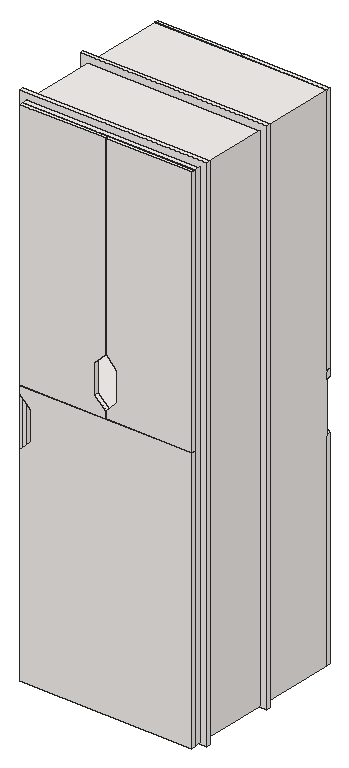
Revit family "Medical-Casework_Shield Casework_Nurse-Server-F2B", category Casework, Revit 2020
Family settings
  OmniClass Number = 23.40.35.17.34
  OmniClass Title = Medical Casework
  Work Plane-Based = No
  Always vertical = Yes
  Cut with Voids When Loaded = Yes
  Shared = No
  Room Calculation Point = No
Parameters (values of type "24" W x 72" H x 24" D")
  |WDepthCtrl [instance] = if(Trim Wall Depth < 1.00", 1.00", if(Trim Wall Depth > Depth - (2 * 1.78"), Depth - (2 * 1.78"), Trim Wall Depth))  # 10.00"
  |TopOpt03 = Top : 03 - Soffit
  |TopOpt02 = Top : 02 - Sloped Top
  |TopOpt01 = Top : 01 - Flat Top
  |TopDorWdth = (Width / 2) - 0.05"  # 11.95"
  |TopDorHgh = Height - 36.88" - 0.09"  # 35.03"
  |SlopHgh [instance] = if((((Depth - Trim Wall Depth - 1.78" - 1.04" - 0.50") * tan(7.84°)) + 0.94") < 0.94", 0.94", (((Depth - Trim Wall Depth - 1.78" - 1.04" - 0.50") * tan(7.84°)) + 0.94"))  # 2.41057"
  |PulOpt04 = Pull : 04 - Continuous Tab
  |PulOpt03 = Pull : 03 - Wire Pull
  |PulOpt02 = Pull : 02 - Solid Surface Recessed
  |PulOpt01 = Pull : 01 - Cut Through
  |LckOpt04 = Lock : 03 - MicroIQ Lock on Both Sides
  |LckOpt03 = Lock : 02 - MicroIQ Lock on Corridor Side
  |LckOpt02 = Lock : 01 - MicroIQ Lock on Patient Room Side
  |LckOpt01 = Lock : 00 - None
  |LckBoxDist [instance] = if([Two-Way Drawers] = |DwOpt01, 0.00", if([Two-Way Drawers] = |DwOpt02, 5.25", 10.50"))  # 0.00"
  |DwOpt03 = Drawer : 02 - Double Drawer
  |DwOpt02 = Drawer : 01 - Single Drawer
  |DwOpt01 = Drawer : 00 - None
  |014 [instance] = or(and(Pharmacy Lock Box, [Two-Way Drawers] = |DwOpt01), and([Two-Way Drawers] = |DwOpt01, not(Pharmacy Lock Box)), and(not([Two-Way Drawers] = |DwOpt01), not(Pharmacy Lock Box)))  # yes
  |013 [instance] = and(not(Pharmacy Lock Box), [Two-Way Drawers] = |DwOpt01)  # yes
  |012 [instance] = Patient Room Side Top = |TopOpt03  # no
  |011 [instance] = Patient Room Side Top = |TopOpt02  # no
  |010 [instance] = Patient Room Side Top = |TopOpt01  # yes
  |009 [instance] = Pull Type = |PulOpt04  # no
  |008 [instance] = Pull Type = |PulOpt03  # no
  |007 [instance] = Pull Type = |PulOpt02  # no
  |006 [instance] = Pull Type = |PulOpt01  # yes
  |005 [instance] = or(Lock Option = |LckOpt03, Lock Option = |LckOpt04)  # no
  |004 [instance] = or(Lock Option = |LckOpt02, Lock Option = |LckOpt04)  # no
  |003 [instance] = [Two-Way Drawers] = |DwOpt03  # no
  |001 [instance] = [Two-Way Drawers] = |DwOpt01  # yes
  Trim Wall Depth [instance] = 10.00"
  URL = "https://www.shieldcasework.com/"
  Two-Way Drawers [instance] = Drawer : 00 - None
  Pull Type [instance] = Pull : 01 - Cut Through
  Product url = "https://shieldheadwalls.com/products/the-nurse-server-f2b"
  Product data url = "https://www.bimobject.com/shield-casework/product/the-nurse-server-f2b"
  Product Material = Shield Casework - Acrylic Solid Surface - S01 White
  Product Guid = "fc8e723f-7139-4298-8aeb-ef5974d179d6"
  Pharmacy Lock Box [instance] = no
  Patient Room Side Top [instance] = Top : 01 - Flat Top
  Patient Room Side Door Material [instance] = Shield Casework - Acrylic Solid Surface - S01 White
  Opening Lines Ref. Level [instance] = no
  Opening Lines Elevation [instance] = no
  Model = "The Nurse Server F2B"  # constant formula
  Materials Note [instance] = "Materials available for corridor and patient room side door listed above, are any Acrylic Solid Surface or Laminate materials"  # constant formula
  Manufacturer = "Shield Casework"  # constant formula
  Lock Option [instance] = Lock : 00 - None
  Keynote = "12300"
  Finish = "Acrylic Solid Surface"  # constant formula
  Edition number = 1
  Drawer 01 Top [instance] = and(not(|003), or([Two-Way Drawers] = |DwOpt02, [Two-Way Drawers] = |DwOpt03))  # no
  Description = "The Nurse Server F2B"  # constant formula
  Depth = 24.00"  # constant formula
  Height = 72.00"
  Width = 24.00"
  Default Elevation = 0.00"  # constant formula
  Corridor Side Door Material [instance] = Shield Casework - Acrylic Solid Surface - S01 White
  Assembly Code = "E2010200"
  002 [instance] = or([Two-Way Drawers] = |DwOpt02, [Two-Way Drawers] = |DwOpt03)  # no
Types (5): name | |TopDorWdth | |TopDorHgh | Height | Width
  (no name) | 11.95" | 35.03" | 72.00" | 24.00"
  24" W x 72" H x 24" D | 11.95" | 35.03" | 72.00" | 24.00"
  24" W x 84" H x 24" D | 11.95" | 47.03" | 84.00" | 24.00"
  30" W x 72" H x 24" D | 14.95" | 35.03" | 72.00" | 30.00"
  30" W x 84" H x 24" D | 14.95" | 47.03" | 84.00" | 30.00"
Reference planes (in)
  plane 1 "Back": y = 0
  plane 2: z = 0
  plane 3 "Center (Left/Right)": x = 0.7377
  plane 4 "Left": x = -11.2623
  plane 5 "Right": x = 12.7377
  plane 6 "Front": y = -24
  plane 7 "Top": z = 72
  plane 8: y = -22.22
  plane 9: y = -12.22
  plane 10: z = 37.44
  plane 11: y = -23.43
  plane 12: y = -0.57
  plane 13: z = 36.88
  plane 14: z = 74.41057
  plane 15: y = -1.78
  plane 16: z = 75.85636
  plane 17: z = 78
  plane 18: z = 63.36
  plane 19: z = 54.72
  plane 20: z = 46.08
  plane 21: z = 42.69
  plane 22: z = 47.94
  plane 23: z = 37.44
  plane 24: z = 45.94
  plane 25: y = -23.5
  plane 26: y = -0.5
Forms (in)
  Extrusion 1, void
    sketch origin (-11.2623, 0, 0) x (0, -1, 0) y (0, 0, 1)
      loop
        line (22.22, 72) -> (12.22, 72) -> (12.22, 0) -> (22.22, 0) -> (22.22, 72)
    from -24 to 0
  Extrusion 2, solid, material "Shield Casework - Acrylic Solid Surface - S01 White" <- "Product Material", detail levels fine
    sketch origin (0, -24, 0) x (1, 0, 0) y (0, 0, 1)
      loop
        line (12.7377, 72) -> (-11.2623, 72) -> (-11.2623, 0) -> (-10.7623, 0) -> (-10.7623, 71.5) -> (12.2377, 71.5) -> (12.2377, 0) -> (12.7377, 0) -> (12.7377, 72)
    from -23.43 to -0.57
  Extrusion 3, solid, material "Shield Casework - Acrylic Solid Surface - S01 White" <- "Product Material", detail levels coarse
    sketch origin (0, 0, 0) x (1, 0, 0) y (0, 1, 0)
      loop
        line (12.7377, 0) -> (-11.2623, 0) -> (-11.2623, -24) -> (12.7377, -24) -> (12.7377, 0)
    from 0 to 72
  Extrusion 4, solid, material "Shield Casework - Acrylic Solid Surface - S01 White" <- "Product Material", detail levels medium
    sketch origin (0, -24, 0) x (1, 0, 0) y (0, 0, 1)
      loop
        line (12.7377, 36.88) -> (-11.2623, 36.88) -> (-11.2623, 0) -> (12.7377, 0) -> (12.7377, 36.88)
      loop
        line (0.6877, 72) -> (-11.2623, 72) -> (-11.2623, 36.97) -> (0.6877, 36.97) -> (0.6877, 72)
      loop
        line (0.7877, 72) -> (0.7877, 36.97) -> (12.7377, 36.97) -> (12.7377, 72) -> (0.7877, 72)
    from 0 to -0.5
  Extrusion 5, solid, material "Shield Casework - Acrylic Solid Surface - S01 White" <- "Product Material", detail levels medium
    sketch origin (0, -24, 0) x (1, 0, 0) y (0, 0, 1)
      loop
        line (12.7377, 72) -> (-11.2623, 72) -> (-11.2623, 0) -> (12.7377, 0) -> (12.7377, 72)
    from -23.43 to -0.57
  Extrusion 6, solid, material "Shield Casework - Acrylic Solid Surface - S01 White" <- "Product Material", detail levels medium
    sketch origin (0, 0, 0) x (1, 0, 0) y (0, 0, 1)
      loop
        line (-11.2623, 36.88) -> (-11.2623, 0) -> (12.7377, 0) -> (12.7377, 36.88) -> (-11.2623, 36.88)
      loop
        line (0.7877, 36.97) -> (12.7377, 36.97) -> (12.7377, 72) -> (0.7877, 72) -> (0.7877, 36.97)
      loop
        line (-11.2623, 36.97) -> (0.6877, 36.97) -> (0.6877, 72) -> (-11.2623, 72) -> (-11.2623, 36.97)
    from 0 to 0.5
  Extrusion 7, solid, material "Shield Casework - Acrylic Solid Surface - S01 White" <- "Product Material"
    sketch origin (-17.1591, -22.22, 48) x (-1, 0, 0) y (0, 0, 1)
      loop
        line (-4.89681, -48) -> (-4.89681, 25) -> (-30.89681, 25) -> (-30.89681, -48) -> (-29.89681, -48) -> (-29.89681, 24) -> (-5.89681, 24) -> (-5.89681, -48) -> (-4.89681, -48)
    from 0 to -0.5
  Sweep 8, solid, material "Shield Casework - Acrylic Solid Surface - S01 White" <- "Product Material", visible <- "|011", detail levels coarse+medium
    path origin (0, 0, 72) x (0, -1, 0) y (1, 0, 0)
      loop
        line (0.57, 12.7377) -> (0.57, -11.2623)
    profile origin (0.7377, -0.57, 72) x (0, -1, 0) y (0, 0, 1)
      loop
        line (21.65, 0) -> (21.65, 3.85636) -> (0.47, 0.94) -> (0.47, 0) -> (21.65, 0)
  Sweep 9, solid, material "Shield Casework - Acrylic Solid Surface - S01 White" <- "Product Material", visible <- "|011", detail levels fine
    path origin (0, 0, 72) x (0, -1, 0) y (1, 0, 0)
      loop
        line (0.57, 12.7377) -> (0.57, -11.2623)
    profile origin (0.7377, -0.57, 72) x (0, -1, 0) y (0, 0, 1)
      loop
        line (0.47, 0) -> (0.97, 0) -> (0.97, 0.50413) -> (21.65, 3.35165) -> (21.65, 3.85636) -> (0.47, 0.94) -> (0.47, 0)
  Extrusion 10, solid, material "Shield Casework - Acrylic Solid Surface - S01 White" <- "Product Material", visible <- "|011", detail levels fine
    sketch origin (-11.2623, 0, 0) x (0, -1, 0) y (0, 0, 1)
      loop
        line (22.22, 72) -> (22.22, 75.35165) -> (1.54, 72.50413) -> (1.54, 72) -> (22.22, 72)
    from 0 to -0.5
  Extrusion 11, solid, material "Shield Casework - Acrylic Solid Surface - S01 White" <- "Product Material", visible <- "|011", detail levels fine
    sketch origin (12.7377, 0, 0) x (0, -1, 0) y (0, 0, 1)
      loop
        line (1.54, 72.50413) -> (1.54, 72) -> (22.22, 72) -> (22.22, 75.35165) -> (1.54, 72.50413)
    from 0 to 0.5
  Extrusion 12, solid, material "Shield Casework - Acrylic Solid Surface - S01 White" <- "Product Material", visible <- "|011", detail levels coarse+medium
    sketch origin (-17.1591, -12.22, 48) x (-1, 0, 0) y (0, 0, 1)
      loop
        line (-29.89681, -48) -> (-29.89681, 26.41057) -> (-5.89681, 26.41057) -> (-5.89681, -48) -> (-4.89681, -48) -> (-4.89681, 27.41057) -> (-30.89681, 27.41057) -> (-30.89681, -48) -> (-29.89681, -48)
    from 0 to 0.5
  Extrusion 13, solid, material "Shield Casework - Acrylic Solid Surface - S01 White" <- "Product Material", visible <- "|011", detail levels fine
    sketch origin (-17.1591, -12.22, 48) x (-1, 0, 0) y (0, 0, 1)
      loop
        line (-29.89681, 26.41057) -> (-5.89681, 26.41057) -> (-5.89681, -48) -> (-4.89681, -48) -> (-4.89681, 27.41057) -> (-30.89681, 27.41057) -> (-30.89681, -48) -> (-29.89681, -48) -> (-29.89681, 26.41057)
    from 0 to 0.5
  Extrusion 14, void
    sketch origin (-11.2623, 0, 0) x (0, -1, 0) y (0, 0, 1)
      loop
        line (24, 72) -> (24, 78) -> (12.22, 78) -> (12.22, 72) -> (24, 72)
    from 0 to -24
  Extrusion 15, solid, material "Shield Casework - Acrylic Solid Surface - S01 White" <- "Product Material", visible <- "|012"
    sketch origin (19.33443, -1.78, 48) x (1, 0, 0) y (0, 0, 1)
      loop
        line (-6.59672, 24) -> (-6.59672, -48) -> (-5.59672, -48) -> (-5.59672, 25) -> (-31.59672, 25) -> (-31.59672, -48) -> (-30.59672, -48) -> (-30.59672, 24) -> (-6.59672, 24)
    from 0 to -0.5
  Extrusion 16, solid, material "Shield Casework - Acrylic Solid Surface - S01 White" <- "Product Material", visible <- "|012", detail levels coarse+medium
    sketch origin (-11.2623, 0, 0) x (0, -1, 0) y (0, 0, 1)
      loop
        line (1.78, 78) -> (1.78, 72) -> (22.22, 72) -> (22.22, 78) -> (1.78, 78)
    from -24 to 0
  Extrusion 17, solid, material "Shield Casework - Acrylic Solid Surface - S01 White" <- "Product Material", visible <- "|012", detail levels fine
    sketch origin (0, 0, 72) x (0, -1, 0) y (-1, 0, 0)
      loop
        line (1.78, -12.7377) -> (22.22, -12.7377) -> (22.22, -12.2377) -> (2.28, -12.2377) -> (2.28, 10.7623) -> (22.22, 10.7623) -> (22.22, 11.2623) -> (1.78, 11.2623) -> (1.78, -12.7377)
    from 0 to -6
  Extrusion 18, solid, material "Shield Casework - Acrylic Solid Surface - S01 White" <- "Product Material", visible <- "|010"
    sketch origin (-17.1591, -12.22, 48) x (-1, 0, 0) y (0, 0, 1)
      loop
        line (-29.89681, 24) -> (-5.89681, 24) -> (-5.89681, -48) -> (-4.89681, -48) -> (-4.89681, 25) -> (-30.89681, 25) -> (-30.89681, -48) -> (-29.89681, -48) -> (-29.89681, 24)
    from 0 to 0.5
Cuts and joins
  Extrusion 14 cuts Sweep 8
  joined: Sweep 8, Extrusion 12
  Extrusion 14 cuts Sweep 9
  Extrusion 14 cuts Extrusion 10
  Extrusion 14 cuts Extrusion 11
  joined: Sweep 9, Extrusion 10, Extrusion 11
  Extrusion 14 cuts Extrusion 16
  Extrusion 14 cuts Extrusion 17
Lines and regions (in)
  Masking region 1, detail levels coarse+medium
    outline origin (0, 0, 72) x (0, -1, 0) y (1, 0, 0)
      loop
        line (0, 12.7377) -> (0, -11.2623) -> (24, -11.2623) -> (24, 12.7377) -> (0, 12.7377)
  Masking region 2, detail levels medium+fine
    outline origin (0, 0, 72) x (0, -1, 0) y (1, 0, 0)
      loop
        line (22.72, -11.2623) -> (22.22, -11.2623) -> (22.22, -12.2623) -> (22.72, -12.2623) -> (22.72, -11.2623)
      loop
        line (22.72, 12.7377) -> (22.72, 13.7377) -> (22.22, 13.7377) -> (22.22, 12.7377) -> (22.72, 12.7377)
  Masking region 3, visible <- "|012", detail levels medium+fine
    outline origin (0, 0, 72) x (0, -1, 0) y (1, 0, 0)
      loop
        line (1.78, 13.7377) -> (1.28, 13.7377) -> (1.28, 12.7377) -> (1.78, 12.7377) -> (1.78, 13.7377)
      loop
        line (1.78, -11.2623) -> (1.28, -11.2623) -> (1.28, -12.2623) -> (1.78, -12.2623) -> (1.78, -11.2623)
  Masking region 4, visible <- "|011", detail levels medium+fine
    outline origin (0, 0, 72) x (0, -1, 0) y (1, 0, 0)
      loop
        line (12.22, 12.7377) -> (12.22, 13.7377) -> (11.72, 13.7377) -> (11.72, 12.7377) -> (12.22, 12.7377)
      loop
        line (12.22, -11.2623) -> (11.72, -11.2623) -> (11.72, -12.2623) -> (12.22, -12.2623) -> (12.22, -11.2623)
  Masking region 5, detail levels fine
    outline origin (0, 0, 72) x (0, -1, 0) y (1, 0, 0)
      loop
        line (0.57, 12.7377) -> (0.57, -11.2623) -> (23.43, -11.2623) -> (23.43, 12.7377) -> (0.57, 12.7377)
  Masking region 6, visible <- "|010", detail levels medium+fine
    outline origin (0, 0, 72) x (0, -1, 0) y (1, 0, 0)
      loop
        line (12.22, -12.2623) -> (12.22, -11.2623) -> (11.72, -11.2623) -> (11.72, -12.2623) -> (12.22, -12.2623)
      loop
        line (12.22, 12.7377) -> (12.22, 13.7377) -> (11.72, 13.7377) -> (11.72, 12.7377) -> (12.22, 12.7377)
Dimensions and locks (in)
  "Depth": plane 6 "Front" to plane 1 "Back"
  "Width": plane 4 "Left" to plane 5 "Right"
  equal spacing: plane 4 "Left", plane 3 "Center (Left/Right)", plane 5 "Right"
  "Height": level to plane 7 "Top"
  "|WDepthCtrl": plane 9 to plane 8
  locked: plane 10 to plane 2 at 37.44
  plane 15 to plane 12 to plane 1 "Back" = 1.21" locked, 0.57" locked
  locked: plane 10 to plane 13 at 0.56
  "|SlopHgh": plane 7 "Top" to plane 14
  plane 6 "Front" to plane 11 to plane 8 = 0.57" locked, 1.21" locked
  plane 7 "Top" to plane 16 to plane 17 = 3.85636" locked, 2.14364" locked
  equal spacing: plane 7 "Top", plane 18, plane 19, plane 20, plane 10
  plane 22 to plane 21 to plane 10 = 5.25" locked, 5.25" locked
  "|LckBoxDist": plane 23 to plane 10
  locked: plane 24 to plane 23 at 8.5
  locked: plane 26 to plane 1 "Back" at 0.5
  locked: plane 6 "Front" to plane 25 at 0.5
  aligned and locked: level to plane 2
  aligned and locked: Extrusion 1 sketch curve to plane 7 "Top"
  aligned and locked: Extrusion 1 sketch curve to plane 9
  aligned and locked: Extrusion 1 sketch curve to plane 8
  aligned and locked: Extrusion 1 sketch curve to plane 2
  aligned and locked: Extrusion 1 to plane 5 "Right"
  aligned and locked: plane 4 "Left" to Extrusion 1
  aligned and locked: Extrusion 2 sketch curve to plane 7 "Top"
  aligned and locked: Extrusion 2 sketch curve to plane 4 "Left"
  aligned and locked: Extrusion 2 sketch curve to plane 5 "Right"
  aligned and locked: Extrusion 2 sketch curve to plane 2  (x2)
  aligned and locked: Extrusion 2 to plane 12
  aligned and locked: Extrusion 2 to plane 11
  aligned and locked: Extrusion 3 sketch curve to plane 4 "Left"
  aligned and locked: Extrusion 3 sketch curve to plane 5 "Right"
  aligned and locked: Extrusion 3 to plane 7 "Top"
  aligned and locked: Extrusion 4 sketch curve to plane 13
  aligned and locked: Extrusion 4 sketch curve to plane 4 "Left"  (x2)
  aligned and locked: Extrusion 4 sketch curve to plane 5 "Right"  (x2)
  aligned and locked: Extrusion 4 sketch curve to plane 2
  aligned and locked: Extrusion 4 sketch curve to plane 7 "Top"  (x2)
  aligned and locked: Extrusion 3 sketch curve to plane 1 "Back"
  aligned and locked: plane 6 "Front" to Extrusion 3 sketch curve
  aligned and locked: Extrusion 5 sketch curve to plane 7 "Top"
  aligned and locked: Extrusion 5 sketch curve to plane 5 "Right"
  aligned and locked: Extrusion 5 sketch curve to plane 4 "Left"
  aligned and locked: Extrusion 5 sketch curve to plane 2
  aligned and locked: Extrusion 5 to plane 12
  aligned and locked: Extrusion 5 to plane 11
  aligned and locked: plane 13 to Extrusion 6 sketch curve
  aligned and locked: plane 4 "Left" to Extrusion 6 sketch curve  (x2)
  aligned and locked: plane 5 "Right" to Extrusion 6 sketch curve  (x2)
  aligned and locked: plane 2 to Extrusion 6 sketch curve
  aligned and locked: plane 7 "Top" to Extrusion 6 sketch curve  (x2)
  aligned and locked: Extrusion 7 sketch curve to plane 2
  aligned and locked: plane 12 to Sweep 8 sketch curve
  aligned and locked: plane 5 "Right" to Sweep 8 sketch curve
  aligned and locked: plane 4 "Left" to Sweep 8 sketch curve
  aligned and locked: Sweep 8 sketch curve to plane 8
  aligned and locked: Sweep 8 sketch curve to plane 7 "Top"
  aligned and locked: plane 12 to Sweep 9 sketch curve
  aligned and locked: plane 5 "Right" to Sweep 9 sketch curve
  aligned and locked: plane 4 "Left" to Sweep 9 sketch curve
  aligned and locked: Sweep 9 sketch curve to plane 8
  aligned and locked: Sweep 9 sketch curve to plane 7 "Top"
  aligned and locked: Extrusion 10 sketch curve to plane 8
  aligned and locked: Extrusion 10 sketch curve to plane 7 "Top"
  aligned and locked: Extrusion 10 sketch curve to Sweep 9  (x2)
  aligned and locked: Extrusion 11 sketch curve to Sweep 9  (x2)
  aligned and locked: Extrusion 11 sketch curve to plane 8
  aligned and locked: Extrusion 11 sketch curve to plane 7 "Top"
  aligned and locked: plane 5 "Right" to Extrusion 12 sketch curve
  aligned and locked: plane 14 to Extrusion 12 sketch curve
  aligned and locked: plane 4 "Left" to Extrusion 12 sketch curve
  aligned and locked: plane 2 to Extrusion 12 sketch curve  (x2)
  aligned and locked: plane 14 to Extrusion 13 sketch curve
  aligned and locked: plane 5 "Right" to Extrusion 13 sketch curve
  aligned and locked: plane 4 "Left" to Extrusion 13 sketch curve
  aligned and locked: plane 2 to Extrusion 13 sketch curve  (x2)
  aligned and locked: Extrusion 14 sketch curve to plane 7 "Top"
  aligned and locked: Extrusion 14 sketch curve to plane 9
  aligned and locked: Extrusion 14 to plane 4 "Left"
  aligned and locked: Extrusion 14 to plane 5 "Right"
  aligned and locked: plane 7 "Top" to Extrusion 15 sketch curve
  aligned and locked: plane 5 "Right" to Extrusion 15 sketch curve
  aligned and locked: plane 4 "Left" to Extrusion 15 sketch curve
  aligned and locked: plane 2 to Extrusion 15 sketch curve  (x2)
  aligned and locked: plane 7 "Top" to Extrusion 7 sketch curve
  aligned and locked: plane 5 "Right" to Extrusion 7 sketch curve
  aligned and locked: plane 4 "Left" to Extrusion 7 sketch curve
  aligned and locked: plane 2 to Extrusion 7 sketch curve
  aligned and locked: Extrusion 16 sketch curve to plane 15
  aligned and locked: Extrusion 16 sketch curve to plane 17
  aligned and locked: Extrusion 16 sketch curve to plane 8
  aligned and locked: Extrusion 16 sketch curve to plane 7 "Top"
  aligned and locked: Extrusion 16 to plane 5 "Right"
  aligned and locked: plane 4 "Left" to Extrusion 16
  aligned and locked: plane 6 "Front" to Extrusion 14 sketch curve
  aligned and locked: Extrusion 14 sketch curve to plane 17
  aligned and locked: plane 15 to Extrusion 17 sketch curve
  aligned and locked: plane 5 "Right" to Extrusion 17 sketch curve
  aligned and locked: plane 4 "Left" to Extrusion 17 sketch curve
  aligned and locked: plane 8 to Extrusion 17 sketch curve  (x2)
  aligned and locked: plane 17 to Extrusion 17
  aligned and locked: plane 7 "Top" to Extrusion 18 sketch curve
  aligned and locked: plane 5 "Right" to Extrusion 18 sketch curve
  aligned and locked: plane 4 "Left" to Extrusion 18 sketch curve
  aligned and locked: plane 2 to Extrusion 18 sketch curve  (x2)
  aligned and locked: nested 1 to plane 10
  aligned and locked: plane 6 "Front" to nested 1
  aligned and locked: plane 3 "Center (Left/Right)" to nested 1
  aligned and locked: plane 6 "Front" to nested 2
  aligned and locked: plane 6 "Front" to nested 3
  aligned and locked: plane 6 "Front" to nested 4
  aligned and locked: plane 20 to nested 2
  aligned and locked: plane 19 to nested 3
  aligned and locked: plane 18 to nested 4
  aligned and locked: plane 3 "Center (Left/Right)" to nested 2
  aligned and locked: plane 3 "Center (Left/Right)" to nested 3
  aligned and locked: plane 3 "Center (Left/Right)" to nested 4
  aligned and locked: plane 6 "Front" to nested 5
  aligned and locked: plane 6 "Front" to nested 6
  aligned and locked: plane 21 to nested 5
  aligned and locked: plane 22 to nested 6
  aligned and locked: plane 3 "Center (Left/Right)" to nested 5
  aligned and locked: plane 3 "Center (Left/Right)" to nested 6
  aligned and locked: plane 6 "Front" to nested 7
  aligned and locked: nested 7 to plane 24
  aligned and locked: plane 3 "Center (Left/Right)" to nested 7
  aligned and locked: nested 8 to plane 13
  aligned and locked: nested 8 to plane 4 "Left"
  aligned and locked: nested 9 to plane 7 "Top"
  aligned and locked: plane 4 "Left" to nested 9
  aligned and locked: plane 7 "Top" to nested 10
  aligned and locked: plane 5 "Right" to nested 10
  aligned and locked: nested 11 to plane 7 "Top"
  aligned and locked: nested 11 to plane 5 "Right"
  aligned and locked: plane 7 "Top" to nested 12
  aligned and locked: nested 12 to plane 4 "Left"
  aligned and locked: nested 13 to plane 2
  aligned and locked: plane 4 "Left" to nested 13
  aligned and locked: plane 1 "Back" to Masking region 1 sketch curve
  aligned and locked: plane 5 "Right" to Masking region 1 sketch curve
  aligned and locked: plane 6 "Front" to Masking region 1 sketch curve
  aligned and locked: plane 4 "Left" to Masking region 1 sketch curve
  aligned and locked: Extrusion 7 to Masking region 2 sketch curve
  aligned and locked: Masking region 2 sketch curve to Extrusion 7  (x4)
  aligned and locked: plane 4 "Left" to Masking region 2 sketch curve
  aligned and locked: plane 5 "Right" to Masking region 2 sketch curve
  aligned and locked: plane 8 to Masking region 2 sketch curve
  aligned and locked: plane 15 to Masking region 3 sketch curve  (x2)
  aligned and locked: plane 5 "Right" to Masking region 3 sketch curve
  aligned and locked: Extrusion 15 to Masking region 3 sketch curve
  aligned and locked: Masking region 3 sketch curve to Extrusion 15  (x3)
  aligned and locked: plane 4 "Left" to Masking region 3 sketch curve
  aligned and locked: plane 9 to Masking region 4 sketch curve  (x2)
  aligned and locked: plane 5 "Right" to Masking region 4 sketch curve
  aligned and locked: plane 4 "Left" to Masking region 4 sketch curve
  aligned and locked: Extrusion 18 to Masking region 4 sketch curve
  aligned and locked: Masking region 4 sketch curve to Extrusion 18  (x3)
  aligned and locked: plane 12 to Masking region 5 sketch curve
  aligned and locked: plane 11 to Masking region 5 sketch curve
  aligned and locked: plane 5 "Right" to Masking region 5 sketch curve
  aligned and locked: plane 4 "Left" to Masking region 5 sketch curve
  aligned and locked: plane 9 to Masking region 6 sketch curve  (x2)
  aligned and locked: plane 4 "Left" to Masking region 6 sketch curve
  aligned and locked: plane 5 "Right" to Masking region 6 sketch curve
Automatic sketch dimensions
  plane 5 "Right" to Extrusion 2 sketch curve = 0.50"
  Extrusion 2 sketch curve to plane 4 "Left" = 0.50"
  Extrusion 2 sketch curve to Extrusion 2 sketch curve = 0.50"
  Extrusion 4 sketch curve to plane 3 "Center (Left/Right)" = 0.05"
  plane 3 "Center (Left/Right)" to Extrusion 4 sketch curve = 0.05"
  Extrusion 4 sketch curve to plane 13 = 0.09"  (x2)
  Extrusion 6 sketch curve to plane 3 "Center (Left/Right)" = 0.05"
  plane 3 "Center (Left/Right)" to Extrusion 6 sketch curve = 0.05"
  Extrusion 6 sketch curve to plane 13 = 0.09"  (x2)
  plane 4 "Left" to Extrusion 7 sketch curve = 1.00"
  Extrusion 7 sketch curve to plane 7 "Top" = 1.00"
  Sweep 8 sketch curve to plane 7 "Top" = 3.85636"
  Sweep 8 sketch curve to profile plane = 0.47"
  Sweep 8 sketch curve to plane 7 "Top" = 0.94"
  Sweep 9 sketch curve to Sweep 9 sketch curve = 0.94"
  Sweep 9 sketch curve to Sweep 9 sketch curve = 0.50"
  Sweep 9 sketch curve to profile plane = 0.47"
  Sweep 9 sketch curve to Sweep 9 sketch curve = 0.43587"
  Sweep 9 sketch curve to plane 7 "Top" = 3.85636"
  Sweep 9 sketch curve to plane 7 "Top" = 3.35165"
  Extrusion 12 sketch curve to Extrusion 12 sketch curve = 1.00"
  plane 4 "Left" to Extrusion 12 sketch curve = 1.00"
  Extrusion 12 sketch curve to plane 14 = 1.00"
  Extrusion 13 sketch curve to Extrusion 13 sketch curve = 1.00"
  plane 4 "Left" to Extrusion 13 sketch curve = 1.00"
  Extrusion 13 sketch curve to plane 14 = 1.00"
  Extrusion 7 sketch curve to Extrusion 7 sketch curve = 1.00"
  plane 4 "Left" to Extrusion 15 sketch curve = 1.00"
  Extrusion 15 sketch curve to plane 5 "Right" = 1.00"
  Extrusion 15 sketch curve to plane 7 "Top" = 1.00"
  plane 15 to Extrusion 17 sketch curve = 0.50"
  Extrusion 17 sketch curve to plane 4 "Left" = 0.50"
  Extrusion 17 sketch curve to Extrusion 17 sketch curve = 0.50"
  Extrusion 18 sketch curve to Extrusion 18 sketch curve = 1.00"
  Extrusion 18 sketch curve to plane 7 "Top" = 1.00"
  plane 4 "Left" to Extrusion 18 sketch curve = 1.00"
  plane 9 to Masking region 6 sketch curve = 0.50"
  Masking region 6 sketch curve to Masking region 6 sketch curve = 1.00"
  Masking region 6 sketch curve to Masking region 6 sketch curve = 0.50"
  Masking region 6 sketch curve to plane 5 "Right" = 1.00"
Nested families (in)
  nested 1: "Shield Casework - Shelf 01" at (0.7377, -24, 37.44), type "Shield Casework - Shelf 01", detail levels fine
  nested 2: "Shield Casework - Shelf 01" at (0.7377, -24, 46.08), visible <- "|013", type "Shield Casework - Shelf 01", detail levels fine
  nested 3: "Shield Casework - Shelf 01" at (0.7377, -24, 54.72), visible <- "|014", type "Shield Casework - Shelf 01", detail levels fine
  nested 4: "Shield Casework - Shelf 01" at (0.7377, -24, 63.36), type "Shield Casework - Shelf 01", detail levels fine
  nested 5: "Shield Casework - Shelf 02" at (0.7377, -24, 42.69), visible <- "002", Drawer Top <- "Drawer 01 Top", type "Shield Casework - Shelf 02", detail levels fine
    with Drawer Top no
  nested 6: "Shield Casework - Shelf 02" at (0.7377, -24, 47.94), visible <- "|003", type "Shield Casework - Shelf 02", detail levels fine
  nested 7: "Shield Casework - Shelf 03" at (0.7377, -24, 45.94), visible <- "Pharmacy Lock Box", type "Shield Casework - Shelf 03", detail levels fine
  nested 8: "Shield Casework - Door" at (-11.2623, -23.5, 0) x (1, 0, 0) z (0, -1, 0), Door Width <- "Width", Door Material <- "Corridor Side Door Material", type "Shield Casework - Door"
    with Lock no, Door Width 24.00", Door Material Shield Casework - Acrylic Solid Surface - S01 White, Door Height 36.88", 2D no
  nested 9: "Shield Casework - Door" at (0.6877, -23.5, 72) x (-1, 0, 0) z (0, -1, 0), Door Width <- "|TopDorWdth", Door Height <- "|TopDorHgh", Door Material <- "Corridor Side Door Material", type "Shield Casework - Door"
    with Lock no, Door Width 11.95", Door Material Shield Casework - Acrylic Solid Surface - S01 White, Door Height 35.03", 2D yes
  nested 10: "Shield Casework - Door" at (0.7877, -23.5, 72) x (1, 0, 0) z (0, -1, 0), Lock <- "|005", Door Width <- "|TopDorWdth", Door Height <- "|TopDorHgh", Door Material <- "Corridor Side Door Material", type "Shield Casework - Door"
    with Lock no, Door Width 11.95", Door Material Shield Casework - Acrylic Solid Surface - S01 White, Door Height 35.03", 2D yes
  nested 11: "Shield Casework - Door" at (0.7877, -0.5, 72) x (1, 0, 0) z (0, 1, 0), Door Width <- "|TopDorWdth", Door Height <- "|TopDorHgh", Door Material <- "Patient Room Side Door Material", type "Shield Casework - Door"
    with Lock no, Door Width 11.95", Door Material Shield Casework - Acrylic Solid Surface - S01 White, Door Height 35.03", 2D yes
  nested 12: "Shield Casework - Door" at (0.6877, -0.5, 72) x (-1, 0, 0) z (0, 1, 0), Door Width <- "|TopDorWdth", Door Height <- "|TopDorHgh", Lock <- "|004", Door Material <- "Patient Room Side Door Material", type "Shield Casework - Door"
    with Lock no, Door Width 11.95", Door Material Shield Casework - Acrylic Solid Surface - S01 White, Door Height 35.03", 2D yes
  nested 13: "Shield Casework - Door" at (12.7377, -0.5, 0) x (-1, 0, 0) z (0, 1, 0), Door Width <- "Width", Door Material <- "Patient Room Side Door Material", type "Shield Casework - Door"
    with Lock no, Door Width 24.00", Door Material Shield Casework - Acrylic Solid Surface - S01 White, Door Height 36.88", 2D no
Definition of nested family "Shield Casework - Shelf 01"
  Parameters (values of type "Shield Casework - Shelf 01")
    Width = 24.00"
    Material = none
    Height = 0.00"
    Depth = 24.00"
    Default Elevation = 0.00"  # constant formula
  Reference planes (in)
    plane 1 "Center (Front/Back)": y = 0
    plane 2: z = 0
    plane 3 "Center (Left/Right)": x = 0
    plane 4: y = 24
    plane 5: x = 12
    plane 6: x = -12
    plane 7: x = -11.5
    plane 8: x = 11.5
    plane 9: y = 22.92
    plane 10: y = 1.08
  Forms (in)
    Extrusion 1, solid, material <- "Material", detail levels fine
      sketch origin (0, 0, 0) x (0, 1, 0) y (0, 0, 1)
        loop
          line (22.92, 0) -> (1.08, 0) -> (1.08, -0.5) -> (1.58, -0.5) -> (1.58, -1.5) -> (2.08, -1.5) -> (2.08, -0.5) -> (17.92, -0.5) -> (17.92, -1.5) -> (18.42, -1.5) -> (18.42, -0.5) -> (22.92, -0.5) -> (22.92, 0)
      from -11.5 to 11.5
  Dimensions and locks (in)
    equal spacing: plane 6, plane 3 "Center (Left/Right)", plane 5
    "Width": plane 6 to plane 5
    "Depth": plane 1 "Center (Front/Back)" to plane 4
    locked: plane 1 "Center (Front/Back)" to plane 10 at 1.08
    locked: plane 4 to plane 9 at 1.08
    locked: plane 6 to plane 7 at 0.5
    locked: plane 8 to plane 5 at 0.5
    aligned and locked: plane 2 to level
    aligned and locked: plane 2 to Extrusion 1 sketch curve
    aligned and locked: plane 9 to Extrusion 1 sketch curve
    aligned and locked: plane 10 to Extrusion 1 sketch curve
    aligned and locked: Extrusion 1 to plane 7
    aligned and locked: plane 8 to Extrusion 1
  Automatic sketch dimensions
    plane 10 to Extrusion 1 sketch curve = 0.50"
    Extrusion 1 sketch curve to Extrusion 1 sketch curve = 0.50"  (x2)
    Extrusion 1 sketch curve to plane 9 = 4.50"
    Extrusion 1 sketch curve to Extrusion 1 sketch curve = 1.00"  (x3)
    Extrusion 1 sketch curve to level = 0.50"  (x3)
    Extrusion 1 sketch curve to Extrusion 1 sketch curve = 16.34"
    Extrusion 1 sketch curve to Extrusion 1 sketch curve = 0.00"  (x2)
Definition of nested family "Shield Casework - Shelf 02"
  Parameters (values of type "Shield Casework - Shelf 02")
    Width = 24.00"
    Material = none
    Height = 0.00"
    Drawer Top [instance] = yes
    Depth = 24.00"
    Default Elevation = 0.00"  # constant formula
  Reference planes (in)
    plane 1 "Center (Front/Back)": y = 0
    plane 2: z = 0
    plane 3 "Center (Left/Right)": x = 0
    plane 4: y = 24
    plane 5: x = 12
    plane 6: x = -12
    plane 7: x = -11.5
    plane 8: x = 11.5
    plane 9: y = 22.92
    plane 10: y = 1.08
  Forms (in)
    Extrusion 1, solid, material <- "Material", visible <- "Drawer Top", detail levels fine
      sketch origin (0, 0, 0) x (0, 1, 0) y (0, 0, 1)
        loop
          line (22.92, 0) -> (1.08, 0) -> (1.08, -0.5) -> (22.92, -0.5) -> (22.92, 0)
      from -11.5 to 11.5
    Extrusion 2, solid, material <- "Material", detail levels fine
      sketch origin (-11.68076, 1.08, 48) x (-1, 0, 0) y (0, 0, 1)
        loop
          line (-1.30076, -48.79) -> (-1.80076, -48.79) -> (-1.80076, -52.29) -> (-21.56076, -52.29) -> (-21.56076, -48.79) -> (-22.06076, -48.79) -> (-22.06076, -52.79) -> (-1.30076, -52.79) -> (-1.30076, -48.79)
      from 0.88 to 20.96
    Extrusion 3, solid, material <- "Material", detail levels fine
      sketch origin (-11.68076, 1.08, 48) x (-1, 0, 0) y (0, 0, 1)
        loop
          line (-23.06076, -48.62) -> (-23.06076, -50.31) -> (-22.06076, -50.31) -> (-22.06076, -52.79) -> (-1.30076, -52.79) -> (-1.30076, -50.31) -> (-0.30076, -50.31) -> (-0.30076, -48.62) -> (-7.30576, -48.62) -> (-7.8307, -49.44023)
          arc (-7.8307, -49.44023) -> (-7.97196, -49.57212) -> (-8.15919, -49.62) r 0.39
          line (-8.15919, -49.62) -> (-15.25462, -49.62)
          arc (-15.25462, -49.62) -> (-15.44983, -49.56762) -> (-15.59262, -49.42457) r 0.39
          line (-15.59262, -49.42457) -> (-16.05576, -48.62) -> (-23.06076, -48.62)
      from 0.88 to 0.38
    Extrusion 4, solid, material <- "Material", detail levels fine
      sketch origin (-11.68076, 22.92, 48) x (-1, 0, 0) y (0, 0, 1)
        loop
          line (-23.06076, -48.62) -> (-23.06076, -50.31) -> (-22.06076, -50.31) -> (-22.06076, -52.79) -> (-1.30076, -52.79) -> (-1.30076, -50.31) -> (-0.30076, -50.31) -> (-0.30076, -48.62) -> (-7.30576, -48.62) -> (-7.8307, -49.44023)
          arc (-7.8307, -49.44023) -> (-7.97196, -49.57212) -> (-8.15919, -49.62) r 0.39
          line (-8.15919, -49.62) -> (-15.25462, -49.62)
          arc (-15.25462, -49.62) -> (-15.44983, -49.56762) -> (-15.59262, -49.42457) r 0.39
          line (-15.59262, -49.42457) -> (-16.05576, -48.62) -> (-23.06076, -48.62)
      from -0.88 to -0.38
  Dimensions and locks (in)
    equal spacing: plane 6, plane 3 "Center (Left/Right)", plane 5
    "Width": plane 6 to plane 5
    "Depth": plane 1 "Center (Front/Back)" to plane 4
    locked: plane 1 "Center (Front/Back)" to plane 10 at 1.08
    locked: plane 4 to plane 9 at 1.08
    locked: plane 6 to plane 7 at 0.5
    locked: plane 8 to plane 5 at 0.5
    locked: Extrusion 2 sketch curve to plane 7 at 1.12
    locked: plane 8 to Extrusion 2 sketch curve at 1.12
    aligned and locked: plane 2 to level
    aligned and locked: plane 2 to Extrusion 1 sketch curve
    aligned and locked: plane 9 to Extrusion 1 sketch curve
    aligned and locked: plane 10 to Extrusion 1 sketch curve
    aligned and locked: Extrusion 1 to plane 7
    aligned and locked: plane 8 to Extrusion 1
  Automatic sketch dimensions
    Extrusion 1 sketch curve to level = 0.50"
    Extrusion 2 sketch curve to Extrusion 2 sketch curve = 0.50"  (x3)
    Extrusion 2 sketch curve to level = 4.79"
    Extrusion 2 sketch curve to level = 0.79"  (x2)
    Extrusion 3 sketch curve to plane 8 = 0.12"
    Extrusion 3 sketch curve to plane 8 = 1.12"
    Extrusion 3 sketch curve to level = 0.62"  (x2)
    plane 3 "Center (Left/Right)" to Extrusion 3 sketch curve = 4.375"
    Extrusion 3 sketch curve to level = 1.42457"
    Extrusion 3 sketch curve to Extrusion 3 sketch curve = 0.46314"
    Extrusion 3 sketch curve to Extrusion 3 sketch curve = 0.338"
    Extrusion 3 sketch curve to level = 1.23"
    Extrusion 3 sketch curve to plane 3 "Center (Left/Right)" = 3.52157"
    Extrusion 3 sketch curve to level = 1.44023"
    Extrusion 3 sketch curve to Extrusion 3 sketch curve = 0.32849"
    Extrusion 3 sketch curve to Extrusion 3 sketch curve = 0.52495"
    plane 7 to Extrusion 3 sketch curve = 1.12"
    plane 7 to Extrusion 3 sketch curve = 0.12"
    Extrusion 3 sketch curve to Extrusion 3 sketch curve = 1.69"  (x2)
    Extrusion 3 sketch curve to Extrusion 3 sketch curve = 2.48"
    Extrusion 4 sketch curve to plane 8 = 0.12"
    Extrusion 4 sketch curve to plane 8 = 1.12"
    Extrusion 4 sketch curve to level = 0.62"  (x2)
    plane 3 "Center (Left/Right)" to Extrusion 4 sketch curve = 4.375"
    Extrusion 4 sketch curve to level = 1.42457"
    Extrusion 4 sketch curve to Extrusion 4 sketch curve = 0.46314"
    Extrusion 4 sketch curve to Extrusion 4 sketch curve = 0.338"
    Extrusion 4 sketch curve to level = 1.23"
    Extrusion 4 sketch curve to plane 3 "Center (Left/Right)" = 3.52157"
    Extrusion 4 sketch curve to level = 1.44023"
    Extrusion 4 sketch curve to Extrusion 4 sketch curve = 0.32849"
    Extrusion 4 sketch curve to Extrusion 4 sketch curve = 0.52495"
    plane 7 to Extrusion 4 sketch curve = 1.12"
    plane 7 to Extrusion 4 sketch curve = 0.12"
    Extrusion 4 sketch curve to Extrusion 4 sketch curve = 1.69"  (x2)
    Extrusion 4 sketch curve to Extrusion 4 sketch curve = 2.48"
Definition of nested family "Shield Casework - Shelf 03"
  Parameters (values of type "Shield Casework - Shelf 03")
    Width = 24.00"
    Material = none
    Height = 0.00"
    Depth = 24.00"
    Default Elevation = 0.00"  # constant formula
  Reference planes (in)
    plane 1 "Center (Front/Back)": y = 0
    plane 2: z = 0
    plane 3 "Center (Left/Right)": x = 0
    plane 4: y = 24
    plane 5: x = 12
    plane 6: x = -12
    plane 7: x = -11.5
    plane 8: x = 11.5
    plane 9: y = 22.92
    plane 10: y = 1.08
    plane 11: z = -8.5
    plane 12: x = -0.16
    plane 13: z = -4.17
    plane 14: x = 1.47
  Forms (in)
    Extrusion 1, solid, material <- "Material", detail levels fine
      sketch origin (0, 0, 0) x (0, 1, 0) y (0, 0, 1)
        loop
          line (22.92, 0) -> (1.08, 0) -> (1.08, -0.5) -> (22.92, -0.5) -> (22.92, 0)
      from -11.5 to 11.5
    Extrusion 2, solid, detail levels fine
      sketch origin (-11.68076, 1.08, 48) x (-1, 0, 0) y (0, 0, 1)
        loop
          line (-11.52076, -48.62) -> (-23.18076, -48.62) -> (-23.18076, -56.5) -> (-11.52076, -56.5) -> (-11.52076, -48.62)
      from 0.88 to 1.38
    Extrusion 3, solid, detail levels fine
      sketch origin (-11.68076, 22.92, 48) x (-1, 0, 0) y (0, 0, 1)
        loop
          line (-11.52076, -48.62) -> (-23.18076, -48.62) -> (-23.18076, -56.5) -> (-11.52076, -56.5) -> (-11.52076, -48.62)
      from -0.88 to -1.38
    Extrusion 4, solid, material <- "Material", detail levels fine
      sketch origin (-0.16, -180, 4.49577) x (0, 0, 1) y (0, -1, 0)
        loop
          line (-12.99577, -182.58) -> (-12.99577, -201.42) -> (-4.99577, -201.42) -> (-4.99577, -182.58) -> (-12.99577, -182.58)
      from 0 to 0.5
  Dimensions and locks (in)
    equal spacing: plane 6, plane 3 "Center (Left/Right)", plane 5
    "Width": plane 6 to plane 5
    "Depth": plane 1 "Center (Front/Back)" to plane 4
    locked: plane 1 "Center (Front/Back)" to plane 10 at 1.08
    locked: plane 4 to plane 9 at 1.08
    locked: plane 6 to plane 7 at 0.5
    locked: plane 8 to plane 5 at 0.5
    locked: plane 8 to plane 12 at 11.66
    locked: plane 14 to plane 12 at 1.63
    aligned and locked: plane 2 to level
    aligned and locked: plane 2 to Extrusion 1 sketch curve
    aligned and locked: plane 9 to Extrusion 1 sketch curve
    aligned and locked: plane 10 to Extrusion 1 sketch curve
    aligned and locked: Extrusion 1 to plane 7
    aligned and locked: plane 8 to Extrusion 1
    aligned and locked: Extrusion 2 sketch curve to plane 12
    aligned and locked: Extrusion 2 sketch curve to plane 11
    aligned and locked: Extrusion 2 sketch curve to plane 8
    aligned and locked: Extrusion 3 sketch curve to plane 12
    aligned and locked: Extrusion 3 sketch curve to plane 11
    aligned and locked: Extrusion 3 sketch curve to plane 8
    aligned and locked: plane 13 to nested 2
    aligned and locked: nested 2 to plane 14
    aligned and locked: plane 14 to nested 1
    aligned and locked: plane 13 to nested 1
  Automatic sketch dimensions
    Extrusion 1 sketch curve to level = 0.50"
    Extrusion 2 sketch curve to level = 0.62"
    Extrusion 3 sketch curve to level = 0.62"
    plane 11 to Extrusion 4 sketch curve = 0.00"
    Extrusion 4 sketch curve to level = 0.50"
    Extrusion 4 sketch curve to plane 9 = 1.50"
    plane 10 to Extrusion 4 sketch curve = 1.50"
  Nested families (in)
    nested 1: "Shield Casework - Lock" at (1.47, 1.96, -4.17) x (1, 0, 0) z (0, -1, 0), type "Shield Casework - Lock"
    nested 2: "Shield Casework - Lock" at (1.47, 22.04, -4.17) x (-1, 0, 0) z (0, 1, 0), type "Shield Casework - Lock"
  Definition of nested family "Shield Casework - Lock"
    Parameters (values of type "Shield Casework - Lock")
      Height = 0.00"
      Default Elevation = 48.00"
    Reference planes (in)
      plane 1 "Center (Front/Back)": y = 0
      plane 2: z = 0
      plane 3 "Center (Left/Right)": x = 0
    Forms (in)
      Extrusion 1, solid
        sketch origin (0, 0, 0) x (1, 0, 0) y (0, 1, 0)
          loop
            line (-48, 48) -> (-48, -48) -> (48, -48) -> (48, 48) -> (-48, 48)
        from 0 to -12
      Extrusion 2, solid, detail levels fine
        sketch origin (0, 0, 0) x (1, 0, 0) y (0, 1, 0)
          loop
            spline (0.565, 2.08) -> (0.54575, 2.124) -> (0.4893, 2.165) -> (0.39952, 2.20021) -> (0.2825, 2.22722) -> (0.14623, 2.24421) -> (0, 2.25) -> (-0.14623, 2.24421) -> (-0.2825, 2.22722) -> (-0.39952, 2.20021) -> (-0.4893, 2.165) -> (-0.54575, 2.124) -> (-0.565, 2.08)
            line (-0.565, 2.08) -> (-0.565, -1.685)
            arc (-0.565, -1.685) -> (0, -2.25) -> (0.565, -1.685) r 0.565
            line (0.565, -1.685) -> (0.565, 2.08)
        from 0 to 0.25
      Extrusion 3, void
        sketch origin (0, 0, 0) x (1, 0, 0) y (0, 1, 0)
          loop
            arc (0.365, -1.08) -> (0.46399, -1.03899) -> (0.505, -0.94) r 0.14
            line (0.505, -0.94) -> (0.505, 1.7)
            arc (0.505, 1.7) -> (0.46399, 1.79899) -> (0.365, 1.84) r 0.14
            line (0.365, 1.84) -> (-0.365, 1.84)
            arc (-0.365, 1.84) -> (-0.46399, 1.79899) -> (-0.505, 1.7) r 0.14
            line (-0.505, 1.7) -> (-0.505, -0.94)
            arc (-0.505, -0.94) -> (-0.46399, -1.03899) -> (-0.365, -1.08) r 0.14
            line (-0.365, -1.08) -> (0.365, -1.08)
        from 0.2 to 0.25
      Extrusion 4, solid, detail levels fine
        sketch origin (0, 0, 0) x (1, 0, 0) y (0, 1, 0)
          loop
            circle (0, -1.685) r 0.5
        from 0 to 0.37
      Extrusion 5, solid, detail levels fine
        sketch origin (0, 0, 0) x (1, 0, 0) y (0, 1, 0)
          loop
            arc (-0.19, -1.22251) -> (-0.15444, -1.685) -> (-0.19, -2.14749) r 3.02498
            arc (-0.19, -2.14749) -> (0, -2.185) -> (0.19, -2.14749) r 0.5
            arc (0.19, -2.14749) -> (0.15444, -1.685) -> (0.19, -1.22251) r 3.02498
            arc (0.19, -1.22251) -> (0, -1.185) -> (-0.19, -1.22251) r 0.5
        from 0 to 0.62
    Cuts and joins
      Extrusion 3 cuts Extrusion 2
      joined: Extrusion 2, Extrusion 4, Extrusion 5
    Dimensions and locks (in)
      aligned and locked: plane 2 to Extrusion 1
      aligned and locked: level to Extrusion 1
      aligned and locked: Extrusion 5 sketch curve to cut or joined group of Extrusion 2, Extrusion 3, Extrusion 4, Extrusion 5  (x2)
Definition of nested family "Shield Casework - Door"
  Parameters (values of type "Shield Casework - Door")
    Product Material = none
    Opening Line Level = no
    Opening Line Elevation = no
    Lock [instance] = yes
    Height = 0.00"
    Handle Type 04 = no
    Handle Type 03 = no
    Handle Type 02 = no
    Handle Type 01 = yes
    Door Width [instance] = 15.00"
    Door Material [instance] = none
    Door Height [instance] = 30.00"
    Default Elevation = 0.00"  # constant formula
    Cut Depth 02 = if(Handle Type 02, -1.00", -0.50")  # -0.50"
    Cut Depth 01 = if(Handle Type 01, -1.00", -0.50")  # -1.00"
    2D [instance] = yes
  Reference planes (in)
    plane 1 "Center (Front/Back)": y = 0
    plane 2: z = 0
    plane 3 "Center (Left/Right)": x = 0
    plane 4: y = 30
    plane 5: x = 15
    plane 6: z = 1
    plane 7: y = 25.03
    plane 8: x = 1.44
    plane 9: x = 3.44
    plane 10: y = 28.51
    plane 11: y = 15
    plane 12: y = 20.2
  Forms (in)
    Extrusion 1, solid
      sketch origin (0, 0, 0) x (1, 0, 0) y (0, 1, 0)
        loop
          line (-48, 48) -> (-48, -48) -> (48, -48) -> (48, 48) -> (-48, 48)
      from 0 to -12
    Extrusion 2, solid, material <- "Product Material", detail levels fine
      sketch origin (0, 0, 0) x (1, 0, 0) y (0, 1, 0)
        loop
          line (0, 30) -> (0, 0) -> (15, 0) -> (15, 30) -> (0, 30)
      from 0 to 0.5
    Extrusion 3, void
      sketch origin (15, -180, 1) x (-1, 0, 0) y (0, -1, 0)
        loop
          line (15, -209) -> (15, -202) -> (13.5, -203.5) -> (13.5, -207.5) -> (15, -209)
      from 0 to -1 <- "Cut Depth 01"
    Extrusion 4, void
      sketch origin (15, -180, 1) x (-1, 0, 0) y (0, -1, 0)
        loop
          arc (12.75, -204.7) -> (12.92678, -204.62678) -> (13, -204.45) r 0.25
          line (13, -204.45) -> (13, -200.45)
          arc (13, -200.45) -> (12.92678, -200.27322) -> (12.75, -200.2) r 0.25
          line (12.75, -200.2) -> (11.5, -200.2)
          arc (11.5, -200.2) -> (11.32322, -200.27322) -> (11.25, -200.45) r 0.25
          line (11.25, -200.45) -> (11.25, -204.45)
          arc (11.25, -204.45) -> (11.32322, -204.62678) -> (11.5, -204.7) r 0.25
          line (11.5, -204.7) -> (12.75, -204.7)
      from 0 to -0.5 <- "Cut Depth 02"
    Extrusion 5, solid, material <- "Product Material", visible <- "Handle Type 02", detail levels fine
      sketch origin (0.125, -1.57, 0) x (1, 0, 0) y (0, 1, 0)
        loop
          line (3.625, 22.02) -> (3.625, 26.02)
          arc (3.625, 26.02) -> (3.55178, 26.19678) -> (3.375, 26.27) r 0.25
          line (3.375, 26.27) -> (2.125, 26.27)
          arc (2.125, 26.27) -> (1.94822, 26.19678) -> (1.875, 26.02) r 0.25
          line (1.875, 26.02) -> (1.875, 22.02)
          arc (1.875, 22.02) -> (1.94822, 21.84322) -> (2.125, 21.77) r 0.25
          line (2.125, 21.77) -> (3.375, 21.77)
          arc (3.375, 21.77) -> (3.55178, 21.84322) -> (3.625, 22.02) r 0.25
        loop
          line (3.375, 22.77) -> (3.375, 25.27)
          arc (3.375, 25.27) -> (3.30178, 25.44678) -> (3.125, 25.52) r 0.25
          line (3.125, 25.52) -> (2.375, 25.52)
          arc (2.375, 25.52) -> (2.19822, 25.44678) -> (2.125, 25.27) r 0.25
          line (2.125, 25.27) -> (2.125, 22.77)
          arc (2.125, 22.77) -> (2.19822, 22.59322) -> (2.375, 22.52) r 0.25
          line (2.375, 22.52) -> (3.125, 22.52)
          arc (3.125, 22.52) -> (3.30178, 22.59322) -> (3.375, 22.77) r 0.25
      from 0 to 0.5
    Extrusion 6, solid, material <- "Product Material", visible <- "Handle Type 02", detail levels fine
      sketch origin (0.125, -1.57, 0) x (1, 0, 0) y (0, 1, 0)
        loop
          line (3.625, 22.02) -> (3.625, 26.02)
          arc (3.625, 26.02) -> (3.55178, 26.19678) -> (3.375, 26.27) r 0.25
          line (3.375, 26.27) -> (2.125, 26.27)
          arc (2.125, 26.27) -> (1.94822, 26.19678) -> (1.875, 26.02) r 0.25
          line (1.875, 26.02) -> (1.875, 22.02)
          arc (1.875, 22.02) -> (1.94822, 21.84322) -> (2.125, 21.77) r 0.25
          line (2.125, 21.77) -> (3.375, 21.77)
          arc (3.375, 21.77) -> (3.55178, 21.84322) -> (3.625, 22.02) r 0.25
      from 0 to 0.2
  Cuts and joins
    Extrusion 3, Extrusion 4 cuts Extrusion 2
    joined: Extrusion 5, Extrusion 6
  Lines and regions (in)
    Masking region 1, visible <- "2D", detail levels fine
      outline origin (0, 0, 0) x (1, 0, 0) y (0, 0, 1)
        loop
          line (0, 0) -> (15, 0) -> (15, 0.5) -> (0, 0.5) -> (0, 0)
    symbolic lines, visible <- "Opening Line Level"
      curve 1: line (15, 0, 15) -> (15, 0, 0)
      curve 2: arc (0, 0, 0) -> (4.3934, 0, 10.6066) -> (15, 0, 15) r 15
    symbolic lines, visible <- "Opening Line Elevation"
      curve 3: line (15, 30, 0) -> (0, 15, 0)
      curve 4: line (0, 15, 0) -> (15, 0, 0)
  Dimensions and locks (in)
    "Door Width": plane 3 "Center (Left/Right)" to plane 5
    "Door Height": plane 1 "Center (Front/Back)" to plane 4
    locked: plane 4 to plane 7 at 4.97
    locked: plane 3 "Center (Left/Right)" to plane 8 at 1.44
    locked: plane 8 to plane 9 at 2
    locked: plane 4 to plane 10 at 1.49
    equal spacing: plane 4, plane 11, plane 1 "Center (Front/Back)"
    locked: plane 7 to plane 12 at 4.83
    locked: plane 12 to Extrusion 5 sketch curve at 0.75
    aligned and locked: plane 2 to Extrusion 1
    aligned and locked: level to Extrusion 1
    aligned and locked: Extrusion 2 sketch curve to plane 4
    aligned and locked: Extrusion 2 sketch curve to plane 5
    aligned and locked: Extrusion 2 sketch curve to plane 3 "Center (Left/Right)"
    aligned and locked: Extrusion 2 sketch curve to plane 1 "Center (Front/Back)"
    aligned and locked: nested 2 to plane 7
    aligned and locked: nested 1 to plane 7
    aligned and locked: plane 9 to nested 3
    aligned and locked: nested 3 to plane 10
    aligned and locked: curve 1 to plane 5
    aligned and locked: plane 2 to curve 1
    aligned and locked: Masking region 1 sketch curve to plane 2
    aligned and locked: Masking region 1 sketch curve to plane 5
    aligned and locked: Masking region 1 sketch curve to plane 3 "Center (Left/Right)"
    aligned and locked: plane 4 to curve 3
    aligned and locked: plane 5 to curve 3
    aligned and locked: plane 5 to curve 4
    aligned and locked: plane 1 "Center (Front/Back)" to curve 4
    aligned and locked: plane 3 "Center (Left/Right)" to curve 4
    aligned and locked: plane 11 to curve 4
    aligned and locked: plane 12 to Extrusion 5 sketch curve
  Automatic sketch dimensions
    Extrusion 1 sketch curve to Extrusion 1 sketch curve = 96.00"  (x2)
    Extrusion 3 sketch curve to plane 3 "Center (Left/Right)" = 0.00"
    Extrusion 3 sketch curve to plane 4 = 1.00"
    Extrusion 3 sketch curve to Extrusion 3 sketch curve = 1.50"  (x2)
    plane 3 "Center (Left/Right)" to Extrusion 3 sketch curve = 1.50"
    Extrusion 3 sketch curve to Extrusion 3 sketch curve = 4.00"
    plane 3 "Center (Left/Right)" to Extrusion 4 sketch curve = 2.25"
    Extrusion 4 sketch curve to plane 4 = 5.30"
    Extrusion 4 sketch curve to Extrusion 4 sketch curve = 0.25"  (x3)
    Extrusion 4 sketch curve to Extrusion 4 sketch curve = 4.00"
    Extrusion 4 sketch curve to Extrusion 4 sketch curve = 0.00"
    Extrusion 4 sketch curve to Extrusion 4 sketch curve = 1.25"
    curve 2 to level = 0.00"
    curve 2 to plane 3 "Center (Left/Right)" = 0.00"
    plane 6 to Masking region 1 sketch curve = 0.50"
    plane 3 "Center (Left/Right)" to Extrusion 5 sketch curve = 2.00"
    Extrusion 5 sketch curve to Extrusion 5 sketch curve = 0.25"  (x9)
    Extrusion 5 sketch curve to Extrusion 5 sketch curve = 0.75"  (x2)
    Extrusion 5 sketch curve to plane 7 = 1.33"
    Extrusion 5 sketch curve to Extrusion 5 sketch curve = 0.50"
    Extrusion 6 sketch curve to plane 9 = 0.06"  (x2)
    Extrusion 6 sketch curve to Extrusion 6 sketch curve = 0.25"  (x2)
    Extrusion 6 sketch curve to plane 7 = 0.58"
    Extrusion 6 sketch curve to Extrusion 6 sketch curve = 4.00"
    Extrusion 6 sketch curve to plane 8 = 0.81"
    Extrusion 6 sketch curve to Extrusion 6 sketch curve = 0.00"
  Nested families (in)
    nested 1: "Shield Casework - Handles" at (1.47, 25.03, 0.5), visible <- "Handle Type 04", type "Shield Casework - Handles", detail levels fine
      with Handle Type 02 yes, Handle Type 01 no
    nested 2: "Shield Casework - Handles" at (1.44, 25.03, 0.5), visible <- "Handle Type 03", type "Shield Casework - Handles", detail levels fine
      with Handle Type 02 no, Handle Type 01 yes
    nested 3: "Shield Casework - Lock" at (3.44, 28.51, 0.5) x (0, -1, 0) z (0, 0, 1), visible <- "Lock", type "Shield Casework - Lock", detail levels fine
  Definition of nested family "Shield Casework - Handles"
    Parameters (values of type "Shield Casework - Handles")
      Height = 0.00"  # constant formula
      Handle Type 02 [instance] = yes
      Handle Type 01 [instance] = yes
      Default Elevation = 0.00"  # constant formula
    Reference planes (in)
      plane 1 "Center (Front/Back)": y = 0
      plane 2: z = 0
      plane 3 "Center (Left/Right)": x = 0
    Forms (in)
      Extrusion 1, solid
        sketch origin (0, 0, 0) x (1, 0, 0) y (0, 1, 0)
          loop
            line (-48, 48) -> (-48, -48) -> (48, -48) -> (48, 48) -> (-48, 48)
        from 0 to -12
      Sweep 2, solid, visible <- "Handle Type 01", detail levels fine
        path origin (0, 0, 0) x (0, 1, 0) y (0, 0, 1)
          loop
            line (1.875, 0) -> (1.875, 1.05)
            arc (1.875, 1.05) -> (1.77249, 1.29749) -> (1.525, 1.4) r 0.35
            line (1.525, 1.4) -> (-1.525, 1.4)
            arc (-1.525, 1.4) -> (-1.77249, 1.29749) -> (-1.875, 1.05) r 0.35
            line (-1.875, 1.05) -> (-1.875, 0)
        profile origin (0, 0, 1.4) x (0, 0, -1) y (1, 0, 0)
          loop
            circle (0, 0) r 0.125
      Extrusion 3, solid, visible <- "Handle Type 02", detail levels fine
        sketch origin (0, 0, 0) x (1, 0, 0) y (0, 0, 1)
          loop
            line (-0.72, -0.5) -> (-1.44, -0.5) -> (-1.44, 0.91) -> (-1.33, 1.02) -> (-1.33, 1.13) -> (-1.51, 1.13) -> (-1.51, -0.57) -> (-0.72, -0.57) -> (-0.72, -0.5)
        from -4.03 to 4.03
    Dimensions and locks (in)
      aligned and locked: plane 2 to Extrusion 1
      aligned and locked: level to Extrusion 1
      aligned and locked: plane 2 to Sweep 2 sketch curve  (x2)
  Definition of nested family "Shield Casework - Lock"
    Parameters (values of type "Shield Casework - Lock")
      Height = 0.00"
      Default Elevation = 48.00"
    Reference planes (in)
      plane 1 "Center (Front/Back)": y = 0
      plane 2: z = 0
      plane 3 "Center (Left/Right)": x = 0
    Forms (in)
      Extrusion 1, solid
        sketch origin (0, 0, 0) x (1, 0, 0) y (0, 1, 0)
          loop
            line (-48, 48) -> (-48, -48) -> (48, -48) -> (48, 48) -> (-48, 48)
        from 0 to -12
      Extrusion 2, solid, detail levels fine
        sketch origin (0, 0, 0) x (1, 0, 0) y (0, 1, 0)
          loop
            spline (0.565, 2.08) -> (0.54575, 2.124) -> (0.4893, 2.165) -> (0.39952, 2.20021) -> (0.2825, 2.22722) -> (0.14623, 2.24421) -> (0, 2.25) -> (-0.14623, 2.24421) -> (-0.2825, 2.22722) -> (-0.39952, 2.20021) -> (-0.4893, 2.165) -> (-0.54575, 2.124) -> (-0.565, 2.08)
            line (-0.565, 2.08) -> (-0.565, -1.685)
            arc (-0.565, -1.685) -> (0, -2.25) -> (0.565, -1.685) r 0.565
            line (0.565, -1.685) -> (0.565, 2.08)
        from 0 to 0.25
      Extrusion 3, void
        sketch origin (0, 0, 0) x (1, 0, 0) y (0, 1, 0)
          loop
            arc (0.365, -1.08) -> (0.46399, -1.03899) -> (0.505, -0.94) r 0.14
            line (0.505, -0.94) -> (0.505, 1.7)
            arc (0.505, 1.7) -> (0.46399, 1.79899) -> (0.365, 1.84) r 0.14
            line (0.365, 1.84) -> (-0.365, 1.84)
            arc (-0.365, 1.84) -> (-0.46399, 1.79899) -> (-0.505, 1.7) r 0.14
            line (-0.505, 1.7) -> (-0.505, -0.94)
            arc (-0.505, -0.94) -> (-0.46399, -1.03899) -> (-0.365, -1.08) r 0.14
            line (-0.365, -1.08) -> (0.365, -1.08)
        from 0.2 to 0.25
      Extrusion 4, solid, detail levels fine
        sketch origin (0, 0, 0) x (1, 0, 0) y (0, 1, 0)
          loop
            circle (0, -1.685) r 0.5
        from 0 to 0.37
      Extrusion 5, solid, detail levels fine
        sketch origin (0, 0, 0) x (1, 0, 0) y (0, 1, 0)
          loop
            arc (-0.19, -1.22251) -> (-0.15444, -1.685) -> (-0.19, -2.14749) r 3.02498
            arc (-0.19, -2.14749) -> (0, -2.185) -> (0.19, -2.14749) r 0.5
            arc (0.19, -2.14749) -> (0.15444, -1.685) -> (0.19, -1.22251) r 3.02498
            arc (0.19, -1.22251) -> (0, -1.185) -> (-0.19, -1.22251) r 0.5
        from 0 to 0.62
    Cuts and joins
      Extrusion 3 cuts Extrusion 2
      joined: Extrusion 2, Extrusion 4, Extrusion 5
    Dimensions and locks (in)
      aligned and locked: plane 2 to Extrusion 1
      aligned and locked: level to Extrusion 1
      aligned and locked: Extrusion 5 sketch curve to cut or joined group of Extrusion 2, Extrusion 3, Extrusion 4, Extrusion 5  (x2)
